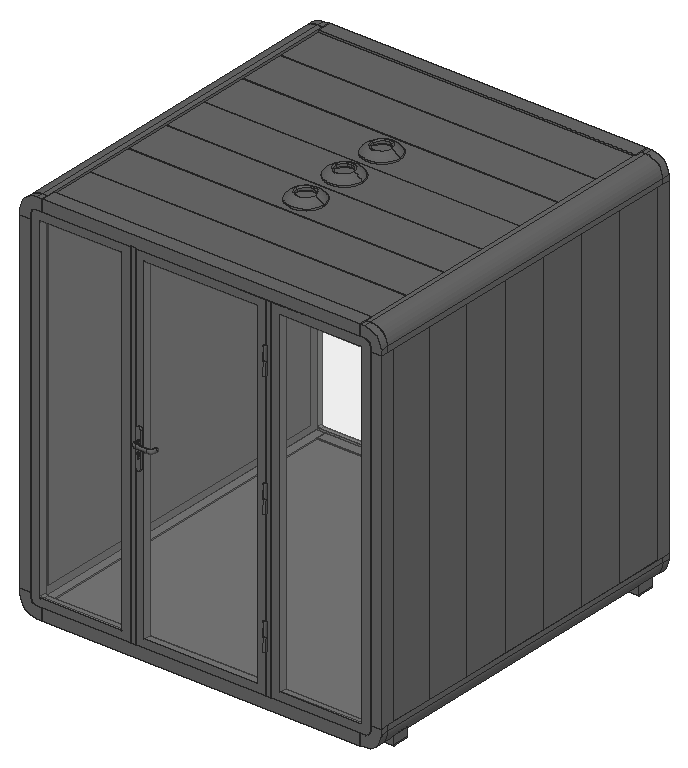
Revit family "Inbox Booths_X-Large Booth", category Furniture, Revit 2024 (continued)
Automatic sketch dimensions
  Extrusion 42 sketch curve to Extrusion 42 sketch curve = 1940 mm
  Extrusion 42 sketch curve to Extrusion 42 sketch curve = 67 mm
  Extrusion 43 sketch curve to Extrusion 43 sketch curve = 1940 mm
  Extrusion 43 sketch curve to Extrusion 43 sketch curve = 67 mm
  Extrusion 45 sketch curve to Extrusion 45 sketch curve = 63 mm  (x2)
  Extrusion 45 sketch curve to Extrusion 45 sketch curve = 1940 mm  (x2)
  Extrusion 45 sketch curve to Extrusion 45 sketch curve = 53 mm  (x2)
  Extrusion 45 sketch curve to Extrusion 45 sketch curve = 0 mm
  Extrusion 45 sketch curve to Extrusion 45 sketch curve = 10 mm  (x3)
  Extrusion 45 sketch curve to Extrusion 45 sketch curve = 2146 mm
  Extrusion 47 sketch curve to Extrusion 47 sketch curve = 0 mm
  Extrusion 47 sketch curve to Extrusion 47 sketch curve = 1940 mm  (x2)
  Extrusion 47 sketch curve to Extrusion 47 sketch curve = 63 mm
  Extrusion 47 sketch curve to Extrusion 47 sketch curve = 1988 mm
  Extrusion 47 sketch curve to Extrusion 47 sketch curve = 65 mm
  Extrusion 48 sketch curve to Extrusion 48 sketch curve = 1940 mm
  Extrusion 48 sketch curve to Extrusion 48 sketch curve = 67 mm
  Extrusion 49 sketch curve to Extrusion 49 sketch curve = 1940 mm
  Extrusion 49 sketch curve to Extrusion 49 sketch curve = 67 mm
  Extrusion 51 sketch curve to Extrusion 51 sketch curve = 67 mm
  Extrusion 51 sketch curve to Extrusion 51 sketch curve = 32 mm
  Extrusion 51 sketch curve to Extrusion 51 sketch curve = 1 mm
  Extrusion 51 sketch curve to Extrusion 51 sketch curve = 31 mm  (x2)
  Extrusion 51 sketch curve to Extrusion 51 sketch curve = 30 mm
  Extrusion 52 sketch curve to Extrusion 52 sketch curve = 1940 mm
  Extrusion 52 sketch curve to Extrusion 52 sketch curve = 67 mm
  Extrusion 55 sketch curve to Extrusion 55 sketch curve = 1940 mm
  Extrusion 55 sketch curve to Extrusion 55 sketch curve = 67 mm
  Extrusion 56 sketch curve to Extrusion 56 sketch curve = 1940 mm
  Extrusion 56 sketch curve to Extrusion 56 sketch curve = 67 mm
  Extrusion 62 sketch curve to Extrusion 62 sketch curve = 67 mm
  Extrusion 62 sketch curve to Extrusion 62 sketch curve = 32 mm
  Extrusion 62 sketch curve to Extrusion 62 sketch curve = 1 mm
  Extrusion 62 sketch curve to Extrusion 62 sketch curve = 31 mm  (x2)
  Extrusion 62 sketch curve to Extrusion 62 sketch curve = 33 mm
  Extrusion 63 sketch curve to Extrusion 63 sketch curve = 289.508 mm
  Extrusion 63 sketch curve to Extrusion 63 sketch curve = 2040 mm
  Extrusion 65 sketch curve to Extrusion 65 sketch curve = 2116 mm
  Extrusion 65 sketch curve to Extrusion 65 sketch curve = 2146 mm
  Extrusion 80 sketch curve to Extrusion 80 sketch curve = 289.508 mm
  Extrusion 80 sketch curve to Extrusion 80 sketch curve = 2040 mm
  Extrusion 84 sketch curve to Extrusion 84 sketch curve = 289.508 mm
  Extrusion 84 sketch curve to Extrusion 84 sketch curve = 2040 mm
  Extrusion 85 sketch curve to Extrusion 85 sketch curve = 289.508 mm
  Extrusion 85 sketch curve to Extrusion 85 sketch curve = 2040 mm
  Extrusion 86 sketch curve to Extrusion 86 sketch curve = 289.508 mm
  Extrusion 86 sketch curve to Extrusion 86 sketch curve = 2040 mm
  Extrusion 87 sketch curve to Extrusion 87 sketch curve = 289.508 mm
  Extrusion 87 sketch curve to Extrusion 87 sketch curve = 2040 mm
  Extrusion 240 sketch curve to Extrusion 240 sketch curve = 289.508 mm
  Extrusion 240 sketch curve to Extrusion 240 sketch curve = 2040 mm
  Extrusion 250 sketch curve to Extrusion 250 sketch curve = 277.258 mm
  Extrusion 250 sketch curve to Extrusion 250 sketch curve = 2040 mm
  Extrusion 106 sketch curve to Extrusion 106 sketch curve = 1940 mm
  Extrusion 106 sketch curve to Extrusion 106 sketch curve = 67 mm
  Extrusion 107 sketch curve to Extrusion 107 sketch curve = 1940 mm
  Extrusion 107 sketch curve to Extrusion 107 sketch curve = 67 mm
  Extrusion 109 sketch curve to Extrusion 109 sketch curve = 63 mm  (x2)
  Extrusion 109 sketch curve to Extrusion 109 sketch curve = 1940 mm  (x2)
  Extrusion 109 sketch curve to Extrusion 109 sketch curve = 53 mm  (x2)
  Extrusion 109 sketch curve to Extrusion 109 sketch curve = 0 mm
  Extrusion 109 sketch curve to Extrusion 109 sketch curve = 10 mm  (x3)
  Extrusion 109 sketch curve to Extrusion 109 sketch curve = 2146 mm
  Extrusion 111 sketch curve to Extrusion 111 sketch curve = 0 mm
  Extrusion 111 sketch curve to Extrusion 111 sketch curve = 1940 mm  (x2)
  Extrusion 111 sketch curve to Extrusion 111 sketch curve = 63 mm
  Extrusion 111 sketch curve to Extrusion 111 sketch curve = 1988 mm
  Extrusion 111 sketch curve to Extrusion 111 sketch curve = 65 mm
  Extrusion 112 sketch curve to Extrusion 112 sketch curve = 1940 mm
  Extrusion 112 sketch curve to Extrusion 112 sketch curve = 67 mm
  Extrusion 113 sketch curve to Extrusion 113 sketch curve = 1940 mm
  Extrusion 113 sketch curve to Extrusion 113 sketch curve = 67 mm
  Extrusion 117 sketch curve to Extrusion 117 sketch curve = 67 mm
  Extrusion 117 sketch curve to Extrusion 117 sketch curve = 32 mm
  Extrusion 117 sketch curve to Extrusion 117 sketch curve = 1 mm
  Extrusion 117 sketch curve to Extrusion 117 sketch curve = 31 mm  (x2)
  Extrusion 117 sketch curve to Extrusion 117 sketch curve = 30 mm
  Extrusion 118 sketch curve to Extrusion 118 sketch curve = 1940 mm
  Extrusion 118 sketch curve to Extrusion 118 sketch curve = 67 mm
  Extrusion 121 sketch curve to Extrusion 121 sketch curve = 1940 mm
  Extrusion 121 sketch curve to Extrusion 121 sketch curve = 67 mm
  Extrusion 122 sketch curve to Extrusion 122 sketch curve = 1940 mm
  Extrusion 122 sketch curve to Extrusion 122 sketch curve = 67 mm
  Extrusion 125 sketch curve to Extrusion 125 sketch curve = 67 mm
  Extrusion 125 sketch curve to Extrusion 125 sketch curve = 32 mm
  Extrusion 125 sketch curve to Extrusion 125 sketch curve = 1 mm
  Extrusion 125 sketch curve to Extrusion 125 sketch curve = 31 mm  (x2)
  Extrusion 125 sketch curve to Extrusion 125 sketch curve = 33 mm
  Extrusion 126 sketch curve to Extrusion 126 sketch curve = 289.508 mm
  Extrusion 126 sketch curve to Extrusion 126 sketch curve = 2040 mm
  Extrusion 127 sketch curve to Extrusion 127 sketch curve = 2116 mm
  Extrusion 127 sketch curve to Extrusion 127 sketch curve = 2146 mm
  Extrusion 131 sketch curve to Extrusion 131 sketch curve = 289.508 mm
  Extrusion 131 sketch curve to Extrusion 131 sketch curve = 2040 mm
  Extrusion 135 sketch curve to Extrusion 135 sketch curve = 289.508 mm
  Extrusion 135 sketch curve to Extrusion 135 sketch curve = 2040 mm
  Extrusion 136 sketch curve to Extrusion 136 sketch curve = 289.508 mm
  Extrusion 136 sketch curve to Extrusion 136 sketch curve = 2040 mm
  Extrusion 137 sketch curve to Extrusion 137 sketch curve = 289.508 mm
  Extrusion 137 sketch curve to Extrusion 137 sketch curve = 2040 mm
  Extrusion 138 sketch curve to Extrusion 138 sketch curve = 289.508 mm
  Extrusion 138 sketch curve to Extrusion 138 sketch curve = 2040 mm
  Extrusion 249 sketch curve to Extrusion 249 sketch curve = 289.508 mm
  Extrusion 249 sketch curve to Extrusion 249 sketch curve = 2040 mm
  Extrusion 280 sketch curve to Extrusion 280 sketch curve = 0 mm  (x9)
  Extrusion 280 sketch curve to Extrusion 280 sketch curve = 5 mm  (x4)
  Extrusion 280 sketch curve to Extrusion 280 sketch curve = 230 mm  (x2)
  plane 1 "Front" to curve 2 = 0 mm
  plane 1 "Front" to curve 1 = 0 mm
  plane 11 to curve 4 = 40 mm
  plane 10 to curve 1 = 397.115 mm
  plane 1 "Front" to curve 1 = 800 mm
  plane 5 to curve 5 = 40 mm
  curve 4 to plane 3 "Center L/S" = 40 mm
  curve 1 to curve 3 = 800 mm
  plane 1 "Front" to curve 5 = 0 mm
  radius of Extrusion 14 sketch curve = 6.846 mm
  radius of Extrusion 30 sketch curve = 6.846 mm
  radius of Extrusion 33 sketch curve = 8 mm
  radius of Extrusion 34 sketch curve = 8 mm
  radius of Extrusion 35 sketch curve = 8 mm
  radius of Extrusion 36 sketch curve = 8 mm
  radius of Extrusion 37 sketch curve = 8 mm
  radius of Extrusion 38 sketch curve = 8 mm
  radius of Extrusion 168 sketch curve = 6.846 mm
  radius of Extrusion 171 sketch curve = 8 mm
  radius of Extrusion 172 sketch curve = 8 mm
  radius of Extrusion 173 sketch curve = 8 mm
  radius of Extrusion 174 sketch curve = 8 mm
  radius of Extrusion 175 sketch curve = 8 mm
  radius of Extrusion 176 sketch curve = 8 mm
  radius of Extrusion 192 sketch curve = 6.846 mm
  radius of Extrusion 195 sketch curve = 8 mm
  radius of Extrusion 196 sketch curve = 8 mm
  radius of Extrusion 197 sketch curve = 8 mm
  radius of Extrusion 198 sketch curve = 8 mm
  radius of Extrusion 199 sketch curve = 8 mm
  radius of Extrusion 200 sketch curve = 8 mm
  radius of Extrusion 216 sketch curve = 6.846 mm
  radius of Extrusion 219 sketch curve = 8 mm
  radius of Extrusion 220 sketch curve = 8 mm
  radius of Extrusion 221 sketch curve = 8 mm
  radius of Extrusion 222 sketch curve = 8 mm
  radius of Extrusion 223 sketch curve = 8 mm
  radius of Extrusion 224 sketch curve = 8 mm
  radius of Sweep 259 sketch curve = 40 mm
  radius of Sweep 260 sketch curve = 40 mm
  radius of Sweep 261 sketch curve = 40 mm
